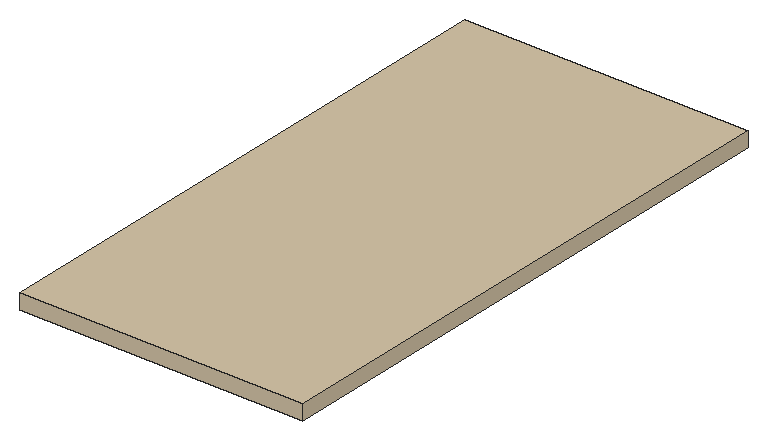
Revit family "Haworth_BeHold_Accessory_PSTShelf", category Furniture Systems, Revit 2018
Family settings
  Round Connector Dimension = Use Diameter
  Part Type = Normal
  OmniClass Number = 23.40.70.14.64.21
  OmniClass Title = Systems Furniture
  Work Plane-Based = No
  Always vertical = Yes
  Cut with Voids When Loaded = No
  Shared = No
  Room Calculation Point = No
Parameters (values of type "30d")
  Warranty = "http://www.haworth.com/resources/product-info/warranties"
  URL - Product = "http://www.haworth.com/na/en/products/active-storage/be-hold.html"
  URL = "http://www.haworth.com"
  Sustainability Info = "https://www.haworth.com/company-info/sustainability"
  Size = "Verify Final Dim. w/ Haworth"  # constant formula
  Shelf Finish = Haworth _ Wood _ Maple H-AE
  Shelf Edge Finish = Haworth _ Wood _ Maple H-AE
  Revision Number = "1"  # constant formula
  Model = "Haworth Be_Hold"  # constant formula
  Min. Width = 15"  # constant formula
  Min. Depth = 18"  # constant formula
  Max. Width = 15"  # constant formula
  Max. Depth = 30"  # constant formula
  Manufacturer = "Haworth"  # constant formula
  Description = "Haworth - Be_Hold - Accessory - Personal Storage Tower Shelf"  # constant formula
  Depth = 30"
  Custom Size = not(or(Depth = 18", Depth = 24", Depth = 30"))  # no
  Author = "Haworth (Alias)"  # constant formula
  Assembly Code = "E2020200"
  Actual Width = 15"  # constant formula
  Actual Height = 3/4"  # constant formula
  Standard Depths = "18, 24, 30 in."  # constant formula
  Actual Depth = if(Depth < Min. Depth, Min. Depth, if(Depth > Max. Depth, Max. Depth, Depth))  # 30"
Types (3): name | URL - Product | URL | Depth | Actual Depth
  30d | "http://www.haworth.com/na/en/products/active-storage/be-hold.html" | "http://www.haworth.com" | 30" | 30"
  24d | "" | "www.haworth.com" | 24" | 24"
  18d | "" | "www.haworth.com" | 18" | 18"
Reference planes (in)
  plane 1: z = 0
  plane 2 "Center L/R": x = -6.17556
  plane 3 "Center F/B": y = -23.5
  plane 4 "Back": y = -8.5
  plane 5 "Front": y = -38.5
  plane 6 "Right": x = 1.32444
  plane 7 "Left": x = -13.67556
  plane 8 "Top": z = 0.75
Forms (in)
  Sweep 1, solid, material "Haworth _ Wood _ Maple H-AE" <- "Shelf Finish"
    path origin (0, 0, 0) x (1, 0, 0) y (0, 1, 0)
      loop
        line (0.89421, -23.5) -> (-13.24579, -23.5)
    profile origin (-6.17579, -23.5, 0) x (0, -1, 0) y (0, 0, 1)
      loop
        line (12.82745, 0) -> (12.82745, 0.75) -> (-15, 0.75) -> (-15, 0) -> (12.82745, 0)
Lines and regions (in)
  Masking region 1
    outline origin (0, 0, 0) x (1, 0, 0) y (0, 1, 0)
      loop
        line (-13.24579, -8.5) -> (-13.24579, -36.32745) -> (0.89421, -36.32745) -> (0.89421, -8.5) -> (-13.24579, -8.5)
Dimensions and locks (in)
  equal spacing: plane 7 "Left", plane 2 "Center L/R", plane 6 "Right"
  "Actual Width": plane 7 "Left" to plane 6 "Right"
  equal spacing: plane 4 "Back", plane 3 "Center F/B", plane 5 "Front"
  "Actual Depth": plane 4 "Back" to plane 5 "Front"
  locked: Masking region 1 sketch curve to plane 6 "Right" at 0.43024
  locked: plane 7 "Left" to Masking region 1 sketch curve at 0.42976
  locked: Masking region 1 sketch curve to plane 5 "Front" at 2.17255
  "Actual Height": plane 8 "Top" to plane 1
  locked: plane 7 "Left" to Sweep 1 sketch curve at 0.42976
  locked: Sweep 1 sketch curve to plane 6 "Right" at 0.43024
  locked: plane 5 "Front" to Sweep 1 sketch curve at 2.17255
  aligned and locked: Sweep 1 sketch curve to plane 3 "Center F/B"
  aligned and locked: Sweep 1 sketch curve to plane 1
  aligned and locked: plane 4 "Back" to Sweep 1 sketch curve
  aligned and locked: Masking region 1 sketch curve to plane 4 "Back"
  aligned and locked: plane 8 "Top" to Sweep 1 sketch curve
